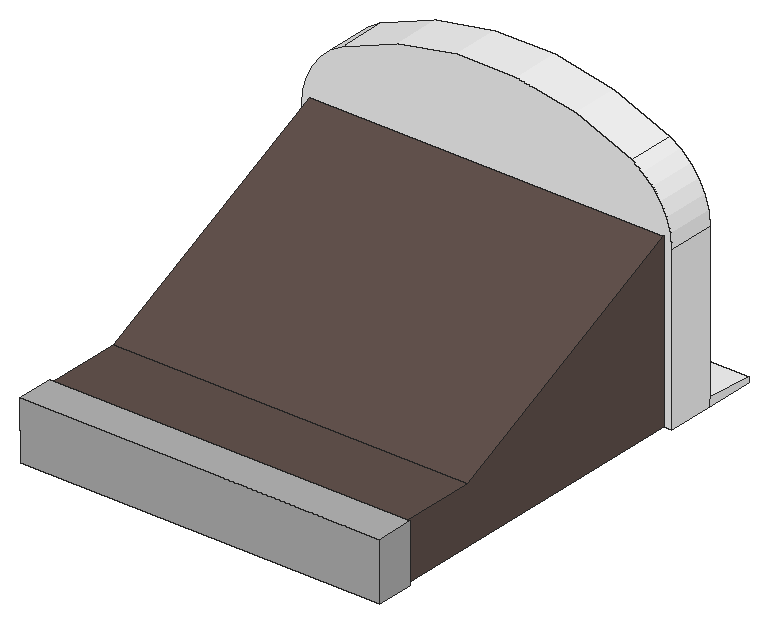
Revit family "Basin-Ligature_Resistant-Whitehall-BestCare-WH3743", category Plumbing Fixtures, host Face, Revit 2021
Family settings
  Host = Face
  Round Connector Dimension = Use Diameter
  Part Type = Normal
  OmniClass Number = 23.45.05.14.14
  OmniClass Title = Sinks/Lavatories
  Cut with Voids When Loaded = No
  Shared = Yes
  Room Calculation Point = No
Parameters (values of type "WH3743")
  Width = 22"  # constant formula
  Waste Connection Radius = Waste Connection Diameter / 2  # 3/4"
  Waste Connection Diameter = 1 1/2"  # constant formula
  Waste Connection = yes
  WH3375-SO Optional Ligature Resistant Faucet = yes
  WFU = 3  # constant formula
  Vent Connection = no
  URL = "http://www.whitehallmfg.com/"
  Type Comments = ""
  Operating Pressure = "30 to 100 PSI"  # constant formula
  Model = "WH3743"
  Material = "Corterra-Whitehall-Blanco Gloss OCC11 (White)"
  Manufacturer = "Whitehall Mfg"
  Length = 31"  # constant formula
  Label = ""
  IAPMO Compliance = "Each standard height Washbasin complies\r\nwith ANSI, UFAS, and ADA requirements."  # constant formula
  Hot Water Connection Diameter = 1/2"  # constant formula
  Height = 38"  # constant formula
  HWFU = 2  # constant formula
  HW Connection = yes
  Description = "Whitehall Ligature Resistant ADA Compliant Bariatric Corterra® Basin"  # constant formula
  Default Elevation = 34"
  Creation Date = "03/03/2025"  # constant formula
  Countertop and Basin Material = Corterra-Whitehall-Blanco Gloss OCC11 (White)
  Cold Water Connection Diameter = 1/2"  # constant formula
  CWFU = 2  # constant formula
  CW Connection = yes
  Bowl Shape = "D-Shape Bowl"  # constant formula
  Bariatric Enclosure Material = Stainless Steel-Whitehall-Laminate Veranda Teak
  Assembly Code = "D2010310"
  ADA Compliant = yes
  -WHST70-12 Tempering Valve With Integral Mounting Feet Brass Body With 1/2” NPT Connections = no
  -OCC Optional Corterra Color - Specify ___________ = no
  -MC Mounting Carrier (Bariatric) = no
  -LCC High Pressure Laminate Optional Color Veranda Teak is Standard = no
Reference planes (in)
  plane 1 "Center (Front/Back)": y = 0
  plane 2: z = 0
  plane 3 "Center (Left/Right)": x = 0
  plane 4: z = 5
  plane 5: y = 4
  plane 6: y = -13.625
  plane 7: y = -16.5
  plane 8: y = -34
  plane 9: x = -2
  plane 10: x = 2
  plane 11: y = -4
  plane 12: x = 15.5
  plane 13: x = -15.5
  plane 14: z = 22
  plane 15: x = 12.25
  plane 16: x = -12.25
  plane 17: x = -14.8125
  plane 18: x = 14.8125
  plane 19: x = -1.5
  plane 20: x = 1.75
  plane 21: x = 7.75
  plane 22: z = 17.30103
  plane 23: z = 5.42603
  plane 24: y = -8.04231
Forms (in)
  Extrusion 1, void
    sketch origin (0, 0, 0.375) x (1, 0, 0) y (0, 0, 1)
      loop
        circle (0, 4) r 0.65625
      loop
        circle (-2, 4) r 0.65625
      loop
        circle (2, 4) r 0.65625
    from 0 to 4
  Extrusion 2, void
    sketch origin (9.25, -8.75, 0) x (1, 0, 0) y (0, 1, 0)
      loop
        circle (-1.5, -7.75) r 0.25
      loop
        circle (-10.75, -4.875) r 0.75
      loop
        circle (-7.5, -7.75) r 0.25
    from -0.75635 to 0
  Extrusion 3, solid, material "Corterra-Whitehall-Blanco Gloss OCC11 (White)" <- "Countertop and Basin Material"
    sketch origin (0, 0, 0) x (1, 0, 0) y (0, 0, 1)
      loop
        line (15.5, 0) -> (15.5, 13.51518)
        arc (15.5, 13.51518) -> (14.5837, 16.77311) -> (12.10347, 19.07577) r 6.25
        arc (12.10347, 19.07577) -> (0, 22) -> (-12.10347, 19.07577) r 26.51042
        arc (-12.10347, 19.07577) -> (-14.5837, 16.77311) -> (-15.5, 13.51518) r 6.25
        line (-15.5, 13.51518) -> (-15.5, 0) -> (15.5, 0)
    from 0 to 4
  Blend 4, void
    base sketch origin (0, 0, 0) x (1, 0, 0) y (0, 0, 1)
      loop
        circle (4.97649, 10.68902) r 1.25
    top sketch origin (0, 0, 0) x (1, 0, 0) y (0, 0, 1)
      loop
        arc (6.282, 5.54208) -> (6.95315, 5.45789) -> (7.55963, 5.75741) r 1.17578
        line (7.55963, 5.75741) -> (11.14811, 9.10372)
        arc (11.14811, 9.10372) -> (12.22211, 12.09577) -> (10.40951, 14.70733) r 3.47092
        arc (10.40951, 14.70733) -> (0.00446, 17.30103) -> (-10.40163, 14.71152) r 22.18555
        arc (-10.40163, 14.71152) -> (-12.21817, 12.09595) -> (-11.1426, 9.09859) r 3.47629
        line (-11.1426, 9.09859) -> (-7.5405, 5.73957)
        arc (-7.5405, 5.73957) -> (-6.93291, 5.44) -> (-6.26092, 5.52564) r 1.17499
        arc (-6.26092, 5.52564) -> (0.0088, 6.8636) -> (6.282, 5.54208) r 15.45396
    from 4 to 0
  Extrusion 5, solid, material "Corterra-Whitehall-Blanco Gloss OCC11 (White)" <- "Countertop and Basin Material"
    sketch origin (0, 0, 71.11629) x (0, 0, 1) y (0, -1, 0)
      loop
        line (-71.11629, 0) -> (-71.11629, -4) -> (-70.646, -4) -> (-70.36629, 0) -> (-71.11629, 0)
    from -15.5 to 15.5
  Extrusion 6, solid, material "Stainless Steel-Whitehall-Laminate Veranda Teak" <- "Bariatric Enclosure Material"
    sketch origin (15.5, 0, 71.11629) x (0, 0, 1) y (0, -1, 0)
      loop
        line (-71.11629, 30.90234) -> (-71.11629, 4) -> (-56.80698, 4) -> (-66.36629, 24.5) -> (-66.36629, 30.90234) -> (-71.11629, 30.90234)
    from -30.3125 to -0.6875
  Extrusion 7, solid, material "Metal-Whitehall-Stainless Steel"
    sketch origin (14.8125, 0, 71.11629) x (0, 0, 1) y (0, -1, 0)
      loop
        line (-66.30623, 30.90234) -> (-66.30623, 34) -> (-71.11629, 34) -> (-71.11629, 30.90234) -> (-66.30623, 30.90234)
    from -29.88436 to 0.24333
  Extrusion 8, solid, material "Metal-Whitehall-Stainless Steel"
    sketch origin (6.10586, -0.47779, -0.18664) x (1, 0, 0) y (0, 0, -1)
      loop
        circle (-1.13251, -10.33439) r 0.11328
      loop
        circle (-0.58953, -10.87593) r 0.11328
      loop
        circle (-0.7536, -11.24717) r 0.11483
      loop
        circle (-0.7536, -10.50321) r 0.11483
      loop
        circle (-1.13251, -11.41599) r 0.11328
      loop
        circle (-1.66935, -10.87593) r 0.11328
      loop
        circle (-1.50529, -11.24717) r 0.11483
      loop
        circle (-1.50529, -10.50321) r 0.11483
      loop
        circle (-1.12938, -10.87566) r 1.25
    from -3.47705 to -3.52221
Cuts and joins
  Extrusion 1, Blend 4 cuts Extrusion 3
Dimensions and locks (in)
  plane 1 "Center (Front/Back)" to plane 5 = 4"  (x2)
  "Default Elevation": plane 8 to plane 1 "Center (Front/Back)"
  plane 11 to plane 1 "Center (Front/Back)" = 4"
  equal spacing: plane 13, plane 3 "Center (Left/Right)", plane 12
  "Length": plane 13 to plane 12
  "Width": host face to plane 14
  equal spacing: plane 16, plane 3 "Center (Left/Right)", plane 15
  plane 16 to plane 15 = 24 1/2"
  equal spacing: plane 17, plane 3 "Center (Left/Right)", plane 18
  plane 17 to plane 18 = 29 5/8"
  plane 8 to plane 5 = 38"
  plane 6 to plane 1 "Center (Front/Back)" = 13 5/8"
  plane 7 to plane 1 "Center (Front/Back)" = 16 1/2"
  plane 19 to plane 3 "Center (Left/Right)" = 1 1/2"
  plane 3 "Center (Left/Right)" to plane 20 = 1 3/4"
  plane 20 to plane 21 = 6"
  plane 23 to plane 22 = 11 7/8"
  plane 10 to plane 3 "Center (Left/Right)" = 2"
  plane 3 "Center (Left/Right)" to plane 9 = 2"
  aligned and locked: plane 2 to host face
  aligned and locked: level to host face
  aligned and locked: Extrusion 3 sketch curve to plane 12
  aligned and locked: Extrusion 3 sketch curve to level
  aligned and locked: Extrusion 3 sketch curve to plane 13
  aligned and locked: Extrusion 3 to Blend 4
  aligned and locked: Blend 4 to plane 1 "Center (Front/Back)"
  aligned and locked: Extrusion 3 to plane 11
  aligned and locked: Extrusion 3 to plane 1 "Center (Front/Back)"
  aligned and locked: Extrusion 6 to plane 17
  aligned and locked: Extrusion 6 to plane 18
  aligned and locked: plane 21 to Extrusion 2 sketch curve
  aligned and locked: plane 20 to Extrusion 2 sketch curve
  aligned and locked: plane 19 to Extrusion 2 sketch curve
  aligned and locked: Extrusion 1 to plane 11
  aligned and locked: Extrusion 1 to plane 1 "Center (Front/Back)"
  aligned and locked: Extrusion 5 to plane 12
  aligned and locked: Extrusion 5 to plane 13
Automatic sketch dimensions
  host sketch curve to host sketch curve = 96"  (x2)
  Extrusion 2 sketch curve to plane 7 = 0"  (x2)
  Extrusion 2 sketch curve to plane 6 = 0"
  Extrusion 2 sketch curve to plane 3 "Center (Left/Right)" = 2 1/4"
  plane 9 to Extrusion 1 sketch curve = 0"
  Extrusion 1 sketch curve to plane 3 "Center (Left/Right)" = 0"
  Extrusion 1 sketch curve to plane 10 = 0"
  Extrusion 1 sketch curve to plane 4 = 5/8"  (x3)
  Extrusion 3 sketch curve to plane 3 "Center (Left/Right)" = 0"
  plane 16 to Extrusion 3 sketch curve = 3"
  Extrusion 3 sketch curve to level = 4.51042"
  Extrusion 3 sketch curve to Extrusion 3 sketch curve = 0"
  plane 10 to Blend 4 sketch curve = 2.97649"
  plane 15 to Extrusion 3 sketch curve = 3"
  Extrusion 5 sketch curve to Extrusion 5 sketch curve = 0.27971"
  Extrusion 5 sketch curve to Extrusion 5 sketch curve = 0.47029"
  Extrusion 6 sketch curve to Extrusion 5 = 0"
  Extrusion 6 sketch curve to Extrusion 5 = 4 3/4"
  Extrusion 5 to Extrusion 6 sketch curve = 4"
  Extrusion 6 sketch curve to Extrusion 6 sketch curve = 14.30931"
  Extrusion 6 sketch curve to Extrusion 6 sketch curve = 20 1/2"
  Extrusion 6 sketch curve to Extrusion 6 sketch curve = 6 103/256"
  Extrusion 7 sketch curve to Extrusion 6 = 0"  (x2)
  Extrusion 6 to Extrusion 7 sketch curve = 0.06006"
  Extrusion 6 to Extrusion 7 sketch curve = 3 25/256"
  Extrusion 5 sketch curve to level = 0"
  Extrusion 5 sketch curve to plane 5 = 0"
  Extrusion 5 sketch curve to plane 1 "Center (Front/Back)" = 0"
  Extrusion 3 sketch curve to plane 14 = 8.48482"  (x2)
  plane 4 to Blend 4 sketch curve = 5.68902"
  Blend 4 sketch curve to plane 3 "Center (Left/Right)" = 0"
  Blend 4 sketch curve to plane 23 = 1.17287"
  plane 9 to Blend 4 sketch curve = 4.73916"
  Blend 4 sketch curve to plane 23 = 0.31354"
  Blend 4 sketch curve to Blend 4 sketch curve = 0.80134"
  plane 16 to Blend 4 sketch curve = 3.47822"
  plane 16 to Blend 4 sketch curve = 1.1074"
  plane 3 "Center (Left/Right)" to Blend 4 sketch curve = 0.02906"
  Blend 4 sketch curve to plane 21 = 0.99225"
  Blend 4 sketch curve to plane 21 = 0.19037"
  plane 21 to Blend 4 sketch curve = 1.03095"
  plane 15 to Blend 4 sketch curve = 1.10189"
  Blend 4 sketch curve to level = 4.88451"
  Blend 4 sketch curve to Blend 4 sketch curve = 3.70583"
  Blend 4 sketch curve to plane 23 = 0.33138"
  Blend 4 sketch curve to Blend 4 sketch curve = 0.85991"
  Blend 4 sketch curve to plane 23 = 3.67255"
  Blend 4 sketch curve to plane 23 = 3.67769"
  Blend 4 sketch curve to Blend 4 sketch curve = 2.5424"
  Blend 4 sketch curve to Blend 4 sketch curve = 2.53847"
  Blend 4 sketch curve to Blend 4 sketch curve = 0"  (x2)
  plane 10 to Extrusion 8 sketch curve = 2.43651"
  Extrusion 8 sketch curve to Extrusion 8 sketch curve = 21/128"  (x3)
  Extrusion 8 sketch curve to Extrusion 8 sketch curve = 0.37277"  (x2)
  Extrusion 8 sketch curve to Extrusion 8 sketch curve = 0.37591"
  Extrusion 8 sketch curve to Extrusion 8 sketch curve = 97/256"  (x2)
  Extrusion 8 sketch curve to plane 23 = 5.80331"
  Extrusion 8 sketch curve to Extrusion 8 sketch curve = 0.16882"  (x3)
  Extrusion 8 sketch curve to Extrusion 8 sketch curve = 0.37124"  (x2)
  Extrusion 8 sketch curve to Extrusion 8 sketch curve = 0.37151"
  Extrusion 8 sketch curve to Extrusion 8 sketch curve = 0.37272"  (x2)
  radius of Extrusion 2 sketch curve = 1/4"  (x2)
  radius of Extrusion 1 sketch curve = 21/32"  (x3)
  radius of Blend 4 sketch curve = 1 1/4"
  radius of Extrusion 8 sketch curve = 29/256"  (x4)
  radius of Extrusion 8 sketch curve = 0.11483"  (x4)
  radius of Extrusion 8 sketch curve = 1 1/4"
Nested families (in)
  nested 1: "WH3377" at (0, 0, 2.75) x (1, 0, 0) z (0, 1, 0), visible <- "WH3375-SO Optional Ligature Resistant Faucet", type "WH3377"
    with Material Metal-Whitehall-Stainless Steel
Connectors (in)
  piping at (-1.5, -13.625, 0), diameter 1.5, driven by "Waste Connection Diameter", driven by "WFU"
    settings: on Extrusion 2, index 5, connector inside diameter 24", connector length 0", flow factor 0, pipe flow 0 GPM, pressure drop 0.00 psi, fitting loss kfactor 0, connector angle 0.00°, fixture units 3, engagement length 0", angle of deflection 0.00°, flow configuration 3, flow direction 2, fitting loss method 0, system type 16, joint type 0, gender type 0, connector reference index -1, connector utility 0, adjustable connector no, is connector primary yes, connector description "1-1/2\" O.D. P-trap Waste Outlet"
  piping at (7.75, -16.5, 0), diameter 0.5, driven by "Cold Water Connection Diameter", driven by "CWFU"
    settings: on Extrusion 2, index 6, connector inside diameter 24", connector length 0", flow factor 0, pipe flow 0 GPM, pressure drop 0.00 psi, fitting loss kfactor 0, connector angle 0.00°, fixture units 2, engagement length 0", angle of deflection 0.00°, flow configuration 3, flow direction 1, fitting loss method 0, system type 20, joint type 0, gender type 0, connector reference index -1, connector utility 0, adjustable connector no, is connector primary no, connector description "1/2\" NPS CW Inlet"
  piping at (1.75, -16.5, 0), diameter 0.5, driven by "Hot Water Connection Diameter", driven by "HWFU"
    settings: on Extrusion 2, index 7, connector inside diameter 24", connector length 0", flow factor 0, pipe flow 0 GPM, pressure drop 0.00 psi, fitting loss kfactor 0, connector angle 0.00°, fixture units 2, engagement length 0", angle of deflection 0.00°, flow configuration 3, flow direction 1, fitting loss method 0, system type 19, joint type 0, gender type 0, connector reference index -1, connector utility 0, adjustable connector no, is connector primary no, connector description "1/2\" NPS HW Inlet"
Definition of nested family "WH3377"
  Parameters (values of type "WH3377")
    Waste Connection = no
    WFU = 2
    Vent Connection = no
    URL = "http://www.whitehallmfg.com/"
    Type Comments = ""
    Revised Date = "02/08/21"  # constant formula
    Product Page URL = "https://www.whitehallmfg.com/product.aspx?ProductId=1023"
    Product Documentation Link = "https://www.whitehallmfg.com/uploads/fileLibrary/WH3376.pdf"
    Model = "WH3377"
    Material [instance] = none
    Manufacturer = "Whitehall Mfg"
    HWFU = 1.5
    HW Connection = yes
    Description = "Whitehall Ligature Resistant Faucet \r\nFeatures: Conical spray head faucet and button(s) mounted on stainless steel 6-1/2 x 3-1/4\" (165.1 x 82.6 mm) escutcheon panel; single button provided for single temperature; Flat Piezo buttons are electronically operated with a supplied AC transformer (-BAT option provides a DC battery pack); Metering, non-hold open type Acorn Air-Control valves are provided; 0.7 gpm flow control.  Faucet assembly requires two 1-1/2\" diameter holes on 4\" centerset. Conical faucet is chrome plated brass and provides vandal and suicide resistance.\r\nFeatures: Conical spray head faucet and button(s) mounted on stainless steel 6-1/2 x 3-1/4\" (165.1 x 82.6 mm) escutcheon panel; single button provided for single temperature; Flat Piezo buttons are electronically operated with a supplied AC transformer (-BAT option provides a DC battery pack); Metering, non-hold open type Acorn Air-Control valves are provided; 0.7 gpm flow control.  Faucet assembly requires two 1-1/2\" diameter holes on 4\" centerset. Conical faucet is chrome plated brass and provides vandal and suicide resistance.\r\n"
    Default Elevation = 34"
    Centerset = 2"
    CWFU = 1.5
    CW Connection = yes
    Assembly Code = ""
  Reference planes (in)
    plane 1 "Center (Front/Back)": y = 0
    plane 2: z = 0
    plane 3 "Center (Left/Right)": x = 0
    plane 4: x = -2
    plane 5: x = 2
    plane 6: y = -1.625
  Forms (in)
    Extrusion 1, solid
      sketch origin (0, 0, 0) x (1, 0, 0) y (0, 1, 0)
        loop
          line (-48, 48) -> (-48, -48) -> (48, -48) -> (48, 48) -> (-48, 48)
      from 0 to -12
    Revolve 2, solid, material <- "Material"
      sketch origin (0, 0, 0) x (0, 0, 1) y (0, -1, 0)
        loop
          line (0.125, 1.625) -> (2.12191, 1.625)
          arc (2.12191, 1.625) -> (1.99864, 2.09784) -> (1.60905, 2.3928) r 0.74557
          line (1.60905, 2.3928) -> (0.125, 2.875) -> (0.125, 1.625)
        axis (2.12191, 1.625) -> (0.125, 1.625)
      angle from 0 to 360
    Revolve 3, solid, material <- "Material"
      sketch origin (-0.375, -1.625, 0) x (0, 0, 1) y (-1, 0, 0)
        loop
          line (0.125, 2.125) -> (0.125, 1.625) -> (0.9121, 1.625)
          arc (0.9121, 1.625) -> (0.82801, 1.82801) -> (0.625, 1.9121) r 0.2871
          line (0.625, 1.9121) -> (0.625, 1.99103) -> (0.125, 2.125)
        axis (0.9121, 1.625) -> (0.125, 1.625)
      angle from 0 to 360
    Extrusion 4, void
      sketch origin (0, 0, 0) x (0, 0, 1) y (0, -1, 0)
        loop
          line (2.1809, 1.59006) -> (2.1809, 2.207) -> (0.125, 2.875) -> (2.1809, 1.59006)
      from 0 to 1
    Extrusion 5, void
      sketch origin (0, 0, 0) x (0, 0, 1) y (0, 1, 0)
        loop
          line (2.1809, -1.59006) -> (0.125, -2.875) -> (2.1809, -2.207) -> (2.1809, -1.59006)
      from 0 to 1
    Extrusion 6, solid, material <- "Material"
      sketch origin (0, -1.625, 2.125) x (0, -0.529999, -0.847998) y (1, 0, 0)
        loop
          circle (0.69069, 0.012) r 0.03186
        loop
          circle (0.27948, 0.012) r 0.03186
        loop
          circle (0.41669, 0.012) r 0.03186
        loop
          circle (0.55768, 0.012) r 0.03186
        loop
          circle (1.1019, 0.012) r 0.03186
        loop
          circle (0.82791, 0.012) r 0.03186
        loop
          circle (0.96889, 0.012) r 0.03186
        loop
          circle (0.68138, 0.13487) r 0.03186
        loop
          circle (0.68138, 0.27588) r 0.03186
        loop
          circle (0.68138, 0.41916) r 0.03186
        loop
          circle (0.68138, -0.11087) r 0.03186
        loop
          circle (0.68138, -0.25188) r 0.03186
        loop
          circle (0.68138, -0.39516) r 0.03186
        loop
          circle (0.55485, 0.13487) r 0.03186
        loop
          circle (0.40902, 0.13487) r 0.03186
        loop
          circle (0.27891, 0.13487) r 0.03186
        loop
          circle (0.81711, 0.13487) r 0.03186
        loop
          circle (0.96389, 0.13487) r 0.03186
        loop
          circle (1.09306, 0.13487) r 0.03186
        loop
          circle (0.5568, 0.27588) r 0.03186
        loop
          circle (0.40713, 0.27588) r 0.03186
        loop
          circle (0.81124, 0.27588) r 0.03186
        loop
          circle (0.95508, 0.27588) r 0.03186
        loop
          circle (0.55386, 0.41916) r 0.03186
        loop
          circle (0.8093, 0.41916) r 0.03186
        loop
          circle (0.5568, -0.11087) r 0.03186
        loop
          circle (0.41584, -0.11087) r 0.03186
        loop
          circle (0.28085, -0.11087) r 0.03186
        loop
          circle (0.82886, -0.11087) r 0.03186
        loop
          circle (0.95802, -0.11087) r 0.03186
        loop
          circle (1.095, -0.11087) r 0.03186
        loop
          circle (0.5568, -0.25188) r 0.03186
        loop
          circle (0.40713, -0.25188) r 0.03186
        loop
          circle (0.81124, -0.25188) r 0.03186
        loop
          circle (0.95508, -0.25188) r 0.03186
        loop
          circle (0.55386, -0.39516) r 0.03186
        loop
          circle (0.8093, -0.39516) r 0.03186
        loop
          circle (0.69427, 0) r 0.625
        loop
          circle (0.14226, 0.012) r 0.03186
        loop
          circle (0.27309, 0.27588) r 0.03186
        loop
          circle (0.42634, 0.41916) r 0.03186
        loop
          circle (0.2809, -0.24463) r 0.03186
        loop
          circle (0.42634, -0.41916) r 0.03186
        loop
          circle (1.23491, 0.012) r 0.03186
        loop
          circle (1.08809, 0.27588) r 0.03186
        loop
          circle (0.94231, 0.41916) r 0.03186
        loop
          circle (1.08809, -0.25188) r 0.03186
        loop
          circle (0.94231, -0.39516) r 0.03186
        loop
          circle (0.68138, 0.56244) r 0.03186
        loop
          circle (0.68138, -0.53843) r 0.03186
      from -0.03086 to 0.00039
    Blend 7, solid, material <- "Material"
      base sketch origin (0.5, 0, -0.06732) x (1, 0, 0) y (0, 1, 0)
        loop
          arc (-2.5, 0) -> (-4.125, -1.625) -> (-2.5, -3.25) r 1.625
          line (-2.5, -3.25) -> (1.5, -3.25)
          arc (1.5, -3.25) -> (3.125, -1.625) -> (1.5, 0) r 1.625
          line (1.5, 0) -> (-2.5, 0)
      top sketch origin (0.5, 0, -0.06732) x (1, 0, 0) y (0, 1, 0)
        loop
          line (1.5, -0.25) -> (-2.5, -0.25)
          arc (-2.5, -0.25) -> (-3.875, -1.625) -> (-2.5, -3) r 1.375
          line (-2.5, -3) -> (1.5, -3)
          arc (1.5, -3) -> (2.875, -1.625) -> (1.5, -0.25) r 1.375
      from 0.06732 to 0.19232
    Extrusion 8, solid, material <- "Material"
      sketch origin (0, 0, 0) x (1, 0, 0) y (0, 1, 0)
        loop
          circle (-2, -1.625) r 0.75
        loop
          circle (-0.00001, -1.62635) r 0.75
        loop
          circle (2, -1.625) r 0.75
      from -0.03125 to 0
    Revolve 9, solid, material <- "Material"
      sketch origin (0.375, -1.625, 0) x (0, 0, 1) y (-1, 0, 0)
        loop
          line (0.125, -2.125) -> (0.625, -1.99103) -> (0.625, -1.9121)
          arc (0.625, -1.9121) -> (0.82801, -1.82801) -> (0.9121, -1.625) r 0.2871
          line (0.9121, -1.625) -> (0.125, -1.625) -> (0.125, -2.125)
        axis (0.9121, -1.625) -> (0.125, -1.625)
      angle from 0 to 360
  Cuts and joins
    Extrusion 4, Extrusion 5 cuts Revolve 2
  Dimensions and locks (in)
    "Centerset": plane 4 to plane 3 "Center (Left/Right)"
    equal spacing: plane 4, plane 3 "Center (Left/Right)", plane 5
    aligned and locked: plane 2 to Extrusion 1
    aligned and locked: level to Extrusion 1
  Automatic sketch dimensions
    Extrusion 1 sketch curve to Extrusion 1 sketch curve = 96"  (x2)
    Revolve 2 sketch curve to plane 6 = 0"  (x2)
    level to Revolve 2 sketch curve = 1/8"
    Revolve 2 sketch curve to plane 6 = 0.05873"
    Revolve 2 sketch curve to Revolve 2 sketch curve = 1.25366"
    Revolve 2 sketch curve to plane 6 = 0.7678"
    Revolve 2 sketch curve to Revolve 2 sketch curve = 0.23039"
    Revolve 2 sketch curve to Revolve 2 sketch curve = 1 1/4"
    Revolve 2 sketch curve to level = 100.58824"
    Revolve 2 sketch curve to Revolve 2 sketch curve = 80.45323"
    plane 4 to Revolve 3 sketch curve = 0"  (x2)
    level to Revolve 3 sketch curve = 1/8"
    Revolve 3 sketch curve to Revolve 3 sketch curve = 1/2"
    Revolve 3 sketch curve to Revolve 3 sketch curve = 0.2871"
    Revolve 3 sketch curve to Revolve 3 sketch curve = 0.07892"
    plane 4 to Revolve 3 sketch curve = 1/2"
    Revolve 3 sketch curve to level = 2.08824"
    Revolve 3 sketch curve to Revolve 3 sketch curve = 4.49966"
    level to Extrusion 4 sketch curve = 1/8"
    Extrusion 4 sketch curve to plane 6 = 0.582"
    Extrusion 4 sketch curve to Extrusion 4 sketch curve = 2.0559"
    plane 6 to Extrusion 4 sketch curve = 0.03494"
    Extrusion 4 sketch curve to plane 6 = 1 1/4"
    level to Extrusion 5 sketch curve = 1/8"
    Extrusion 5 sketch curve to plane 6 = 0.582"
    Extrusion 5 sketch curve to Extrusion 5 sketch curve = 2.0559"
    Extrusion 5 sketch curve to plane 6 = 1 1/4"
    plane 6 to Extrusion 5 sketch curve = 0.03494"
    Extrusion 6 sketch curve to Extrusion 4 = 0"
    Extrusion 4 to Extrusion 6 sketch curve = 0.012"  (x9)
    Extrusion 6 sketch curve to Extrusion 4 = 0.20818"
    Extrusion 6 sketch curve to Extrusion 6 sketch curve = 0.13083"
    Extrusion 6 sketch curve to Extrusion 6 sketch curve = 0.00582"
    Extrusion 6 sketch curve to Extrusion 6 sketch curve = 0.00056"
    Extrusion 6 sketch curve to Extrusion 6 sketch curve = 0.00138"
    Extrusion 6 sketch curve to Extrusion 6 sketch curve = 0.00005"
    Extrusion 6 sketch curve to Extrusion 6 sketch curve = 0.13404"
    Extrusion 6 sketch curve to Extrusion 6 sketch curve = 0.12623"
    Extrusion 6 sketch curve to Extrusion 6 sketch curve = 0.13011"
    Extrusion 6 sketch curve to Extrusion 6 sketch curve = 0.13499"
    Extrusion 6 sketch curve to Extrusion 6 sketch curve = 0.00085"
    Extrusion 6 sketch curve to Extrusion 6 sketch curve = 0.01921"  (x2)
    Extrusion 6 sketch curve to Extrusion 6 sketch curve = 0.12752"  (x5)
    Extrusion 6 sketch curve to Extrusion 6 sketch curve = 0.14583"
    Extrusion 6 sketch curve to Extrusion 6 sketch curve = 0.00294"
    Extrusion 6 sketch curve to Extrusion 6 sketch curve = 0.00194"
    Extrusion 6 sketch curve to Extrusion 6 sketch curve = 0.14095"
    Extrusion 6 sketch curve to Extrusion 6 sketch curve = 0.00089"
    Extrusion 6 sketch curve to Extrusion 6 sketch curve = 0.12459"  (x3)
    Extrusion 6 sketch curve to Extrusion 6 sketch curve = 0"  (x14)
    Extrusion 6 sketch curve to Extrusion 6 sketch curve = 0.12653"
    Extrusion 6 sketch curve to Extrusion 6 sketch curve = 0.00931"
    Extrusion 6 sketch curve to Extrusion 6 sketch curve = 0.00358"
    Extrusion 6 sketch curve to Extrusion 6 sketch curve = 0.12792"  (x2)
    Extrusion 6 sketch curve to Extrusion 6 sketch curve = 0.12986"  (x2)
    Extrusion 6 sketch curve to Extrusion 6 sketch curve = 0.13573"
    Extrusion 6 sketch curve to Extrusion 6 sketch curve = 0.01079"
    Extrusion 6 sketch curve to Extrusion 6 sketch curve = 0.00095"
    Extrusion 6 sketch curve to Extrusion 6 sketch curve = 0.13301"  (x5)
    Extrusion 6 sketch curve to Extrusion 6 sketch curve = 0.14384"  (x2)
    Extrusion 6 sketch curve to Extrusion 6 sketch curve = 0.12916"  (x2)
    Extrusion 6 sketch curve to Extrusion 6 sketch curve = 0.00881"
    Extrusion 6 sketch curve to Extrusion 6 sketch curve = 0.005"
    Extrusion 6 sketch curve to Extrusion 6 sketch curve = 0.13698"
    Extrusion 6 sketch curve to Extrusion 6 sketch curve = 0.0069"
    Extrusion 6 sketch curve to Extrusion 4 = 0.11087"  (x7)
    Extrusion 6 sketch curve to Extrusion 6 sketch curve = 0.13375"
    Extrusion 6 sketch curve to Extrusion 6 sketch curve = 0.141"  (x5)
    Extrusion 6 sketch curve to Extrusion 6 sketch curve = 0.00725"
    Extrusion 6 sketch curve to Extrusion 6 sketch curve = 0.14328"  (x5)
    Extrusion 6 sketch curve to Extrusion 6 sketch curve = 0.024"
    Extrusion 6 sketch curve to Extrusion 6 sketch curve = 0.12287"  (x7)
    plane 5 to Revolve 9 sketch curve = 0"  (x2)
    level to Revolve 9 sketch curve = 1/8"
    Revolve 9 sketch curve to Revolve 9 sketch curve = 1/2"
    Revolve 9 sketch curve to Revolve 9 sketch curve = 0.2871"
    Revolve 9 sketch curve to Revolve 9 sketch curve = 0.07892"
    Revolve 9 sketch curve to plane 5 = 1/2"
    Revolve 9 sketch curve to level = 2.08824"
    Revolve 9 sketch curve to Revolve 9 sketch curve = 4.49966"
    Extrusion 8 sketch curve to plane 4 = 0"
    Extrusion 8 sketch curve to plane 5 = 0"
    Extrusion 8 sketch curve to plane 6 = 0"  (x2)
    Extrusion 8 sketch curve to plane 3 "Center (Left/Right)" = 0"
    Extrusion 8 sketch curve to plane 6 = 0.00135"
    Blend 7 sketch curve to plane 4 = 0"  (x2)
    Blend 7 sketch curve to plane 5 = 0"  (x2)
    Blend 7 sketch curve to plane 6 = 0"  (x2)
    plane 1 "Center (Front/Back)" to Blend 7 sketch curve = 0"
    Blend 7 sketch curve to plane 6 = 1 3/8"
    radius of Extrusion 6 sketch curve = 0.03186"  (x49)
    radius of Extrusion 6 sketch curve = 5/8"
    radius of Extrusion 8 sketch curve = 3/4"  (x3)
  Connectors (in)
    piping at (-2, -1.625, 0), diameter 0.5, driven by "CWFU"
      settings: on Extrusion 8, index 1, connector inside diameter 1 1/2", connector length 0", flow factor 0, pipe flow 0 GPM, pressure drop 0.00 psi, fitting loss kfactor 0, connector angle 0.00°, fixture units 1.5, engagement length 0", angle of deflection 0.00°, flow configuration 3, flow direction 1, fitting loss method 0, system type 19, joint type 0, gender type 0, connector reference index -1, connector utility 0, adjustable connector no, is connector primary yes, connector description "1/2\" NPS Inlet 1"
    piping at (2, -1.625, 0.125), diameter 0.5, driven by "HWFU"
      settings: on Revolve 9, index 2, connector inside diameter 24", connector length 0", flow factor 0, pipe flow 0 GPM, pressure drop 0.00 psi, fitting loss kfactor 0, connector angle 0.00°, fixture units 1.5, engagement length 0", angle of deflection 0.00°, flow configuration 3, flow direction 1, fitting loss method 0, system type 19, joint type 0, gender type 0, connector reference index -1, connector utility 0, adjustable connector no, is connector primary no, connector description "1/2\" NPS Inlet 2"
